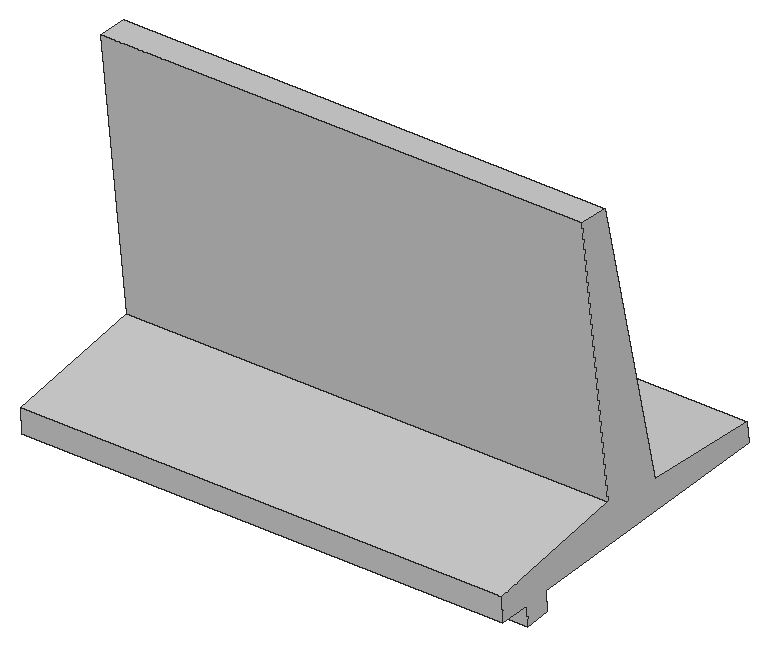
Revit family "f2d4324eecae4579b9593c6a2bcc5b94", category Structural Foundations, Revit 2021
Family settings
  Material for Model Behavior = Other
  Cap = No
  OmniClass Number = 23.10.20.14
  OmniClass Title = Retaining Walls
  Seek Item ID = RetainingWall_Par_Family_Key-0000-USA-ENU
  Work Plane-Based = No
  Always vertical = Yes
  Cut with Voids When Loaded = No
  Shared = No
Parameters (values of type "Standard")
  hdiff = h3 - h4  # 0' - 2.10745"
  h7 = h4 - h6  # 9' - 3.38818"
  h6 = Gw1 * tan(Alpha - Beta)  # -0' - 0.41905"
  h4 = (H - Gf3 * cos(Alpha) + Bw * sin(Alpha)) / cos(Beta)  # 9' - 2.96913"
  h3 = (H - Gf3 * cos(Alpha) + (Bw + Gw2) * sin(Alpha)) / cos(Beta)  # 9' - 5.07658"
  h2 = (Bw + Gw2) * sin(Alpha)  # 0' - 6.18806"
  h1 = Gf4 * cos(Alpha)  # 1' - 3.93912"
  Tmp2 = (Bw + Gf3 * tan(Alpha - Gamma)) * cos(Alpha - Gamma)  # 3' - 8.82571"
  Tmp1 = (Bw + Gw2 + Gf4 * tan(Alpha - Beta)) * cos(Alpha - Beta)  # 5' - 10.39836"
  Structural Material [instance] = Concrete, Cast-in-Place gray
  Length [instance] = 16' - 5"
  Hk = 0' - 8"
  H = 9' - 10"
  Gw2 = 2' - 0"
  Gw1 = 1' - 0"
  Gk = 0' - 10"
  Gf4 = 1' - 4"
  Gf3 = 1' - 0"
  Gf2 = 0' - 10"
  Gf1 = 0' - 8"
  Gamma2 = atan((Gw2 * cos(Alpha - Beta) - Gw1 * cos(Alpha - Beta)) / h7)  # 6.14512°
  Gamma = Gamma2 + Beta  # 13.1451°
  Bw = 3' - 11"
  Bs1 = 1' - 0"
  Bk = 1' - 0"
  Beta = 7.00°
  B = 10' - 6"
  Assembly Code = ""
  Alpha = 5.00°
Reference planes (in)
  plane 1 "Center (Front/Back)": y = 0
  plane 2: z = 0
  plane 3 "Center (Left/Right)": x = 0
  plane 4: z = 118
  plane 5: x = 197
  plane 6: z = 103.82677
  plane 7: z = 95.95276
  plane 8: y = -94.32798
Forms (in)
  Sweep 1, solid, material "Concrete, Cast-in-Place gray" <- "Structural Material"
    path origin (0, 0, 0) x (1, 0, 0) y (0, 1, 0)
      loop
        line (0, 0) -> (197, 0)
    profile "Key-Profile : Key-Profile" origin (98.5, 0, 0) x (0, 1, 0) y (0, 0, 1)
      loop
        line (-73.58931, 118) -> (-85.41561, 118) -> (-72.12432, 9.75106) -> (-126.39209, -1.01968) -> (-125.52053, -10.98162) -> (-113.5662, -9.93575) -> (-112.86895, -17.90531) -> (-102.907, -17.03375) -> (-103.60425, -9.0642) -> (0, 0) -> (-0.69725, 7.96956) -> (-47.86702, 7.85802) -> (-73.58931, 118)
Dimensions and locks (in)
  "H": plane 4 to plane 2
  "Length": plane 3 "Center (Left/Right)" to plane 5
  locked: plane 4 to plane 6 at 14.17323
  locked: plane 6 to plane 7 at 7.87402
  locked: plane 8 to plane 1 "Center (Front/Back)" at 94.32798
  aligned and locked: plane 3 "Center (Left/Right)" to Sweep 1 sketch curve
  aligned and locked: plane 1 "Center (Front/Back)" to Sweep 1 sketch curve
  aligned and locked: plane 5 to Sweep 1 sketch curve
